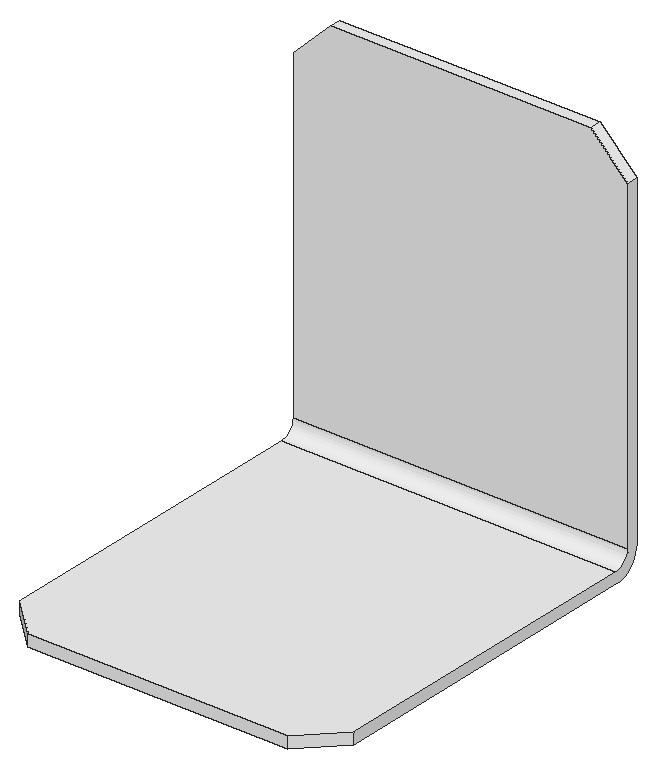
Revit family "JOMA_402", category Structural Connections, host Face, Revit 2012
Parameters (values of type "402M000")
  t = 3.000 mm
  l = 105.000 mm
  h = 105.000 mm
  b = 90.000 mm
  Vikt = "0,398"
  Utan förstärkning = not(Med förstärkning)  # no
  Typ = "VINKEL 402M"
  Spikmönster Bult 2 45°≤α≤90° [instance] = no
  Spikmönster Bult 2 0°≤α≤45° [instance] = no
  Spikmönster Bult 1 45°≤α≤90° [instance] = no
  Spikmönster Bult 1 0°≤α≤45° [instance] = no
  Spikmönster Pelar Balk 3 [instance] = no
  Spikmönster 3 [instance] = no
  Spikmönster Pelar Balk 2 [instance] = no
  Spikmönster 2 [instance] = no
  Spikmönster Pelar Balk 1 [instance] = no
  Spikmönster 1 [instance] = no
  Spik/skruv [instance] = "ANKARSPIK 4,0x40"
  Med förstärkning = yes
  Material = Varmförzinkad stålplåt
  Länk Joma Dimensioneringsverktyg = "http://www.joma.se/dimensioneringsverktyg"
  Default Elevation = 0.000 mm
  Bult (betong) [instance] = "BULT M10"
  Antal spik/skruv i virkesdel B [instance] = if(and(Spikmönster 1, Med förstärkning), 6, if(and(Spikmönster 2, Med förstärkning), 8, if(and(Spikmönster 3, Med förstärkning), 10, if(and(Spikmönster Pelar Balk 1, Med förstärkning), 6, if(and(Spikmönster Pelar Balk 2, Med förstärkning), 8, if(and(Spikmönster Pelar Balk 3, Med förstärkning), 10, if(and(Spikmönster Bult 1 0°≤α≤45°, Med förstärkning), 1, if(and(Spikmönster Bult 1 45°≤α≤90°, Med förstärkning), 1, if(and(Spikmönster Bult 2 0°≤α≤45°, Med förstärkning), 2, if(and(Spikmönster Bult 2 45°≤α≤90°, Med förstärkning), 2, if(and(Spikmönster 1, Utan förstärkning), 4, if(and(Spikmönster 2, Utan förstärkning), 8, if(and(Spikmönster Bult 1 0°≤α≤45°, Utan förstärkning), 1, 0)))))))))))))  # 0
  Antal spik/skruv i virkesdel A [instance] = if(and(Spikmönster 1, Med förstärkning), 6, if(and(Spikmönster 2, Med förstärkning), 8, if(and(Spikmönster 3, Med förstärkning), 10, if(and(Spikmönster Pelar Balk 1, Med förstärkning), 4, if(and(Spikmönster Pelar Balk 2, Med förstärkning), 4, if(and(Spikmönster Pelar Balk 3, Med förstärkning), 4, if(and(Spikmönster Bult 1 0°≤α≤45°, Med förstärkning), 6, if(and(Spikmönster Bult 1 45°≤α≤90°, Med förstärkning), 6, if(and(Spikmönster Bult 2 0°≤α≤45°, Med förstärkning), 6, if(and(Spikmönster Bult 2 45°≤α≤90°, Med förstärkning), 4, if(and(Spikmönster 1, Utan förstärkning), 4, if(and(Spikmönster 2, Utan förstärkning), 8, if(and(Spikmönster Bult 1 0°≤α≤45°, Utan förstärkning), 6, 0)))))))))))))  # 0
  402U Spikmönster Bult [instance] = and(Spikmönster Bult 1 0°≤α≤45°, not(or(Med förstärkning, Spikmönster 1, Spikmönster 2, Spikmönster 3, Spikmönster Bult 1 45°≤α≤90°, Spikmönster Bult 2 0°≤α≤45°, Spikmönster Bult 2 45°≤α≤90°, Spikmönster Pelar Balk 1, Spikmönster Pelar Balk 2, Spikmönster Pelar Balk 3)))  # no
  402U Spikmönster 2 [instance] = and(Spikmönster 2, not(or(Med förstärkning, Spikmönster 1, Spikmönster 3, Spikmönster Bult 1 0°≤α≤45°, Spikmönster Bult 1 45°≤α≤90°, Spikmönster Bult 2 0°≤α≤45°, Spikmönster Bult 2 45°≤α≤90°, Spikmönster Pelar Balk 1, Spikmönster Pelar Balk 2, Spikmönster Pelar Balk 3)))  # no
  402U Spikmönster 1 [instance] = and(Spikmönster 1, not(or(Med förstärkning, Spikmönster 2, Spikmönster 3, Spikmönster Bult 1 0°≤α≤45°, Spikmönster Bult 1 45°≤α≤90°, Spikmönster Bult 2 0°≤α≤45°, Spikmönster Bult 2 45°≤α≤90°, Spikmönster Pelar Balk 1, Spikmönster Pelar Balk 2, Spikmönster Pelar Balk 3)))  # no
  402M Spikmönster Pelar Balk 3 [instance] = and(Spikmönster Pelar Balk 3, not(or(Utan förstärkning, Spikmönster 1, Spikmönster 2, Spikmönster 3, Spikmönster Bult 1 0°≤α≤45°, Spikmönster Bult 1 45°≤α≤90°, Spikmönster Bult 2 0°≤α≤45°, Spikmönster Bult 2 45°≤α≤90°, Spikmönster Pelar Balk 1, Spikmönster Pelar Balk 2)))  # no
  402M Spikmönster Pelar Balk 2 [instance] = and(Spikmönster Pelar Balk 2, not(or(Utan förstärkning, Spikmönster 1, Spikmönster 2, Spikmönster 3, Spikmönster Bult 1 0°≤α≤45°, Spikmönster Bult 1 45°≤α≤90°, Spikmönster Bult 2 0°≤α≤45°, Spikmönster Bult 2 45°≤α≤90°, Spikmönster Pelar Balk 1, Spikmönster Pelar Balk 3)))  # no
  402M Spikmönster Pelar Balk 1 [instance] = and(Spikmönster Pelar Balk 1, not(or(Utan förstärkning, Spikmönster 1, Spikmönster 2, Spikmönster 3, Spikmönster Bult 1 0°≤α≤45°, Spikmönster Bult 1 45°≤α≤90°, Spikmönster Bult 2 0°≤α≤45°, Spikmönster Bult 2 45°≤α≤90°, Spikmönster Pelar Balk 2, Spikmönster Pelar Balk 3)))  # no
  402M Spikmönster Bult 2 45°≤α≤90° [instance] = and(Spikmönster Bult 2 45°≤α≤90°, not(or(Utan förstärkning, Spikmönster 1, Spikmönster 2, Spikmönster 3, Spikmönster Bult 1 45°≤α≤90°, Spikmönster Bult 1 0°≤α≤45°, Spikmönster Bult 2 0°≤α≤45°, Spikmönster Pelar Balk 1, Spikmönster Pelar Balk 2, Spikmönster Pelar Balk 3)))  # no
  402M Spikmönster Bult 2  0°≤α≤45° [instance] = and(Spikmönster Bult 2 0°≤α≤45°, not(or(Utan förstärkning, Spikmönster 1, Spikmönster 2, Spikmönster 3, Spikmönster Bult 1 45°≤α≤90°, Spikmönster Bult 1 0°≤α≤45°, Spikmönster Bult 2 45°≤α≤90°, Spikmönster Pelar Balk 1, Spikmönster Pelar Balk 2, Spikmönster Pelar Balk 3)))  # no
  402M Spikmönster Bult 1 45°≤α≤90° [instance] = and(Spikmönster Bult 1 45°≤α≤90°, not(or(Utan förstärkning, Spikmönster 1, Spikmönster 2, Spikmönster 3, Spikmönster Bult 1 0°≤α≤45°, Spikmönster Bult 2 0°≤α≤45°, Spikmönster Bult 2 45°≤α≤90°, Spikmönster Pelar Balk 1, Spikmönster Pelar Balk 2, Spikmönster Pelar Balk 3)))  # no
  402M Spikmönster Bult 1  0°≤α≤45° [instance] = and(Spikmönster Bult 1 0°≤α≤45°, not(or(Utan förstärkning, Spikmönster 1, Spikmönster 2, Spikmönster 3, Spikmönster Bult 1 45°≤α≤90°, Spikmönster Bult 2 0°≤α≤45°, Spikmönster Bult 2 45°≤α≤90°, Spikmönster Pelar Balk 1, Spikmönster Pelar Balk 2, Spikmönster Pelar Balk 3)))  # no
  402M Spikmönster 3 [instance] = and(Spikmönster 3, not(or(Utan förstärkning, Spikmönster 1, Spikmönster 2, Spikmönster Bult 1 0°≤α≤45°, Spikmönster Bult 1 45°≤α≤90°, Spikmönster Bult 2 0°≤α≤45°, Spikmönster Bult 2 45°≤α≤90°, Spikmönster Pelar Balk 1, Spikmönster Pelar Balk 2, Spikmönster Pelar Balk 3)))  # no
  402M Spikmönster 2 [instance] = and(Spikmönster 2, not(or(Utan förstärkning, Spikmönster 1, Spikmönster 3, Spikmönster Bult 1 0°≤α≤45°, Spikmönster Bult 1 45°≤α≤90°, Spikmönster Bult 2 0°≤α≤45°, Spikmönster Bult 2 45°≤α≤90°, Spikmönster Pelar Balk 1, Spikmönster Pelar Balk 2, Spikmönster Pelar Balk 3)))  # no
  402M Spikmönster 1 [instance] = and(Spikmönster 1, not(or(Utan förstärkning, Spikmönster 2, Spikmönster 3, Spikmönster Bult 1 0°≤α≤45°, Spikmönster Bult 1 45°≤α≤90°, Spikmönster Bult 2 0°≤α≤45°, Spikmönster Bult 2 45°≤α≤90°, Spikmönster Pelar Balk 1, Spikmönster Pelar Balk 2, Spikmönster Pelar Balk 3)))  # no
Types (2, lengths in mm): name | Vikt | Utan förstärkning | Typ | Med förstärkning
  402M000 | "0,398" | no | "VINKEL 402M" | yes
  402U000 | "0,396" | yes | "VINKEL 402U" | no
Reference planes
  plane 1 "Center (Front/Back)": y = 0
  plane 2: z = 0
  plane 3 "Center (Left/Right)": x = 0
  plane 4: x = -45
  plane 5: x = 45
  plane 6: y = -105
  plane 7: z = 105
Forms (mm)
  Extrusion 1, solid, material "Varmförzinkad stålplåt" <- "Material"
    sketch origin (0, 0, 0) x (0, 1, 0) y (0, 0, 1)
      loop
        line (0, 105) -> (-3, 105) -> (-3, 6.843)
        arc (-3, 6.843) -> (-4.126, 4.126) -> (-6.843, 3) r 3.843
        line (-6.843, 3) -> (-105, 3) -> (-105, 0) -> (-6.843, 0)
        arc (-6.843, 0) -> (-2.004, 2.004) -> (0, 6.843) r 6.843
        line (0, 6.843) -> (0, 105)
    from -45 to 45
  Extrusion 2, void
    sketch origin (0, 0, 0) x (1, 0, 0) y (0, 1, 0)
      loop
        line (45, -105) -> (45, -95.021) -> (35, -105) -> (45, -105)
      loop
        line (-45, -105) -> (-35, -105) -> (-45, -95.021) -> (-45, -105)
    from 0 to 3 <- "t"
  Extrusion 3, void
    sketch origin (0, 0, 0) x (1, 0, 0) y (0, 0, 1)
      loop
        line (45, 105) -> (35, 105) -> (45, 95) -> (45, 105)
      loop
        line (-45, 105) -> (-45, 95) -> (-35, 105) -> (-45, 105)
    from 0 to 3 <- "t"
Cuts and joins
  Extrusion 2, Extrusion 3 cuts Extrusion 1
Lines and regions (mm)
  symbolic lines, visible <- "Med förstärkning"
    curve 1: line (12.5, -3, 0) -> (10, -60, 0)
    curve 2: line (-12.5, -3, 0) -> (-10, -60, 0)
    curve 3: arc (-10, -60, 0) -> (0, -70, 0) -> (10, -60, 0) r 10
    curve 4: arc (-12.5, -3, 0) -> (0, -15.5, 0) -> (12.5, -3, 0) r 12.5
    curve 5: line (-12.5, 0, 3) -> (-10, 0, 60)
    curve 6: line (10, 0, 60) -> (12.5, 0, 3)
    curve 7: arc (-10, 0, 60) -> (0, 0, 70) -> (10, 0, 60) r 10
    curve 8: arc (-12.5, 0, 3) -> (0, 0, 15.5) -> (12.5, 0, 3) r 12.5
    curve 9: circle (-30, 0, 95) r 2.5 normal (0, -1, 0)
    curve 10: circle (-15, 0, 77.5) r 2.5 normal (0, -1, 0)
    curve 11: circle (-37.5, 0, 65) r 2.5 normal (0, -1, 0)
    curve 12: circle (-37.5, 0, 32.5) r 2.5 normal (0, -1, 0)
    curve 13: circle (-20, 0, 40) r 2.5 normal (0, -1, 0)
    curve 14: circle (0, 0, 85) r 5.5 normal (0, -1, 0)
    curve 15: circle (-30, 0, 22.5) r 5.5 normal (0, -1, 0)
    curve 16: circle (30, 0, 95) r 2.5 normal (0, 1, 0)
    curve 17: circle (15, 0, 77.5) r 2.5 normal (0, 1, 0)
    curve 18: circle (37.5, 0, 65) r 2.5 normal (0, 1, 0)
    curve 19: circle (37.5, 0, 32.5) r 2.5 normal (0, 1, 0)
    curve 20: circle (20, 0, 40) r 2.5 normal (0, 1, 0)
    curve 21: circle (30, 0, 22.5) r 5.5 normal (0, 1, 0)
    curve 39: circle (-37.5, -15, 0) r 2.5 normal (0, 0, 1)
    curve 40: circle (-22.5, -15, 0) r 2.5 normal (0, 0, 1)
    curve 41: circle (-30, -30, 0) r 2.5 normal (0, 0, 1)
    curve 42: circle (-22.5, -47.5, 0) r 2.5 normal (0, 0, 1)
    curve 43: circle (-37.5, -70, 0) r 2.5 normal (0, 0, 1)
    curve 44: circle (-30, -95, 0) r 2.5 normal (0, 0, 1)
    curve 45: circle (0, -85, 0) r 5.5 normal (0, 0, 1)
    curve 46: circle (37.5, -15, 0) r 2.5 normal (0, 0, -1)
    curve 47: circle (22.5, -15, 0) r 2.5 normal (0, 0, -1)
    curve 48: circle (30, -30, 0) r 2.5 normal (0, 0, -1)
    curve 49: circle (22.5, -47.5, 0) r 2.5 normal (0, 0, -1)
    curve 50: circle (37.5, -70, 0) r 2.5 normal (0, 0, -1)
    curve 51: circle (30, -95, 0) r 2.5 normal (0, 0, -1)
    curve 133: line (0, -3.067, 72.639) -> (0, -13.928, 13.928)
    curve 134: line (0, -13.928, 13.928) -> (0, -72.639, 3.067)
  symbolic lines, visible <- "Med förstärkning", not visible
    curve 22: line (-12.5, 0, 3) -> (-10, 0, 60)
    curve 23: line (10, 0, 60) -> (12.5, 0, 3)
    curve 24: arc (-10, 0, 60) -> (0, 0, 70) -> (10, 0, 60) r 10
    curve 25: arc (-12.5, 0, 3) -> (0, 0, 15.5) -> (12.5, 0, 3) r 12.5
    curve 26: circle (-30, 0, 95) r 2.5 normal (0, -1, 0)
    curve 27: circle (-15, 0, 77.5) r 2.5 normal (0, -1, 0)
    curve 28: circle (-37.5, 0, 65) r 2.5 normal (0, -1, 0)
    curve 29: circle (-37.5, 0, 32.5) r 2.5 normal (0, -1, 0)
    curve 30: circle (-20, 0, 40) r 2.5 normal (0, -1, 0)
    curve 31: circle (0, 0, 85) r 5.5 normal (0, -1, 0)
    curve 32: circle (-30, 0, 22.5) r 5.5 normal (0, -1, 0)
    curve 33: circle (30, 0, 95) r 2.5 normal (0, 1, 0)
    curve 34: circle (15, 0, 77.5) r 2.5 normal (0, 1, 0)
    curve 35: circle (37.5, 0, 65) r 2.5 normal (0, 1, 0)
    curve 36: circle (37.5, 0, 32.5) r 2.5 normal (0, 1, 0)
    curve 37: circle (20, 0, 40) r 2.5 normal (0, 1, 0)
    curve 38: circle (30, 0, 22.5) r 5.5 normal (0, 1, 0)
    curve 52: line (12.5, -3, 0) -> (10, -60, 0)
    curve 53: line (-12.5, -3, 0) -> (-10, -60, 0)
    curve 54: arc (-10, -60, 0) -> (0, -70, 0) -> (10, -60, 0) r 10
    curve 55: arc (-12.5, -3, 0) -> (0, -15.5, 0) -> (12.5, -3, 0) r 12.5
    curve 56: circle (-37.5, -15, 0) r 2.5 normal (0, 0, 1)
    curve 57: circle (-22.5, -15, 0) r 2.5 normal (0, 0, 1)
    curve 58: circle (-30, -30, 0) r 2.5 normal (0, 0, 1)
    curve 59: circle (-22.5, -47.5, 0) r 2.5 normal (0, 0, 1)
    curve 60: circle (-37.5, -70, 0) r 2.5 normal (0, 0, 1)
    curve 61: circle (-30, -95, 0) r 2.5 normal (0, 0, 1)
    curve 62: circle (0, -85, 0) r 5.5 normal (0, 0, 1)
    curve 63: circle (37.5, -15, 0) r 2.5 normal (0, 0, -1)
    curve 64: circle (22.5, -15, 0) r 2.5 normal (0, 0, -1)
    curve 65: circle (30, -30, 0) r 2.5 normal (0, 0, -1)
    curve 66: circle (22.5, -47.5, 0) r 2.5 normal (0, 0, -1)
    curve 67: circle (37.5, -70, 0) r 2.5 normal (0, 0, -1)
    curve 68: circle (30, -95, 0) r 2.5 normal (0, 0, -1)
    curve 135: line (0, -3.067, 72.639) -> (0, -13.928, 13.928)
    curve 136: line (0, -13.928, 13.928) -> (0, -72.639, 3.067)
  symbolic lines, visible <- "Utan förstärkning"
    curve 69: circle (-30, 0, 90) r 2.5 normal (0, -1, 0)
    curve 70: circle (0, 0, 90) r 2.5 normal (0, -1, 0)
    curve 71: circle (-15, 0, 75) r 2.5 normal (0, -1, 0)
    curve 72: circle (-35, 0, 65) r 2.5 normal (0, -1, 0)
    curve 73: circle (-37.5, 0, 12.5) r 2.5 normal (0, -1, 0)
    curve 74: circle (-35, 0, 35) r 2.5 normal (0, -1, 0)
    curve 75: circle (-15, 0, 50) r 2.5 normal (0, -1, 0)
    curve 76: circle (0, 0, 65) r 5.5 normal (0, -1, 0)
    curve 77: circle (-30, 0, 22.5) r 5.5 normal (0, -1, 0)
    curve 78: circle (30, 0, 90) r 2.5 normal (0, 1, 0)
    curve 79: circle (15, 0, 75) r 2.5 normal (0, 1, 0)
    curve 80: circle (35, 0, 65) r 2.5 normal (0, 1, 0)
    curve 81: circle (37.5, 0, 12.5) r 2.5 normal (0, 1, 0)
    curve 82: circle (35, 0, 35) r 2.5 normal (0, 1, 0)
    curve 83: circle (15, 0, 50) r 2.5 normal (0, 1, 0)
    curve 84: circle (30, 0, 22.5) r 5.5 normal (0, 1, 0)
    curve 101: circle (-37.5, -15, 0) r 2.5 normal (0, 0, 1)
    curve 102: circle (-35, -35, 0) r 2.5 normal (0, 0, 1)
    curve 103: circle (-35, -70, 0) r 2.5 normal (0, 0, 1)
    curve 104: circle (-30, -90, 0) r 2.5 normal (0, 0, 1)
    curve 105: circle (-7.5, -15, 0) r 2.5 normal (0, 0, 1)
    curve 106: circle (-15, -50, 0) r 2.5 normal (0, 0, 1)
    curve 107: circle (-20, -30, 0) r 5.5 normal (0, 0, 1)
    curve 108: circle (0, -65, 0) r 5.5 normal (0, 0, 1)
    curve 109: circle (0, -90, 0) r 2.5 normal (0, 0, 1)
    curve 110: circle (37.5, -15, 0) r 2.5 normal (0, 0, -1)
    curve 111: circle (35, -35, 0) r 2.5 normal (0, 0, -1)
    curve 112: circle (35, -70, 0) r 2.5 normal (0, 0, -1)
    curve 113: circle (30, -90, 0) r 2.5 normal (0, 0, -1)
    curve 114: circle (7.5, -15, 0) r 2.5 normal (0, 0, -1)
    curve 115: circle (15, -50, 0) r 2.5 normal (0, 0, -1)
    curve 116: circle (20, -30, 0) r 5.5 normal (0, 0, -1)
  symbolic lines, visible <- "Utan förstärkning", not visible
    curve 85: circle (-30, 0, 90) r 2.5 normal (0, -1, 0)
    curve 86: circle (0, 0, 90) r 2.5 normal (0, -1, 0)
    curve 87: circle (-15, 0, 75) r 2.5 normal (0, -1, 0)
    curve 88: circle (-35, 0, 65) r 2.5 normal (0, -1, 0)
    curve 89: circle (-37.5, 0, 12.5) r 2.5 normal (0, -1, 0)
    curve 90: circle (-35, 0, 35) r 2.5 normal (0, -1, 0)
    curve 91: circle (-15, 0, 50) r 2.5 normal (0, -1, 0)
    curve 92: circle (0, 0, 65) r 5.5 normal (0, -1, 0)
    curve 93: circle (-30, 0, 22.5) r 5.5 normal (0, -1, 0)
    curve 94: circle (30, 0, 90) r 2.5 normal (0, 1, 0)
    curve 95: circle (15, 0, 75) r 2.5 normal (0, 1, 0)
    curve 96: circle (35, 0, 65) r 2.5 normal (0, 1, 0)
    curve 97: circle (37.5, 0, 12.5) r 2.5 normal (0, 1, 0)
    curve 98: circle (35, 0, 35) r 2.5 normal (0, 1, 0)
    curve 99: circle (15, 0, 50) r 2.5 normal (0, 1, 0)
    curve 100: circle (30, 0, 22.5) r 5.5 normal (0, 1, 0)
    curve 117: circle (-37.5, -15, 0) r 2.5 normal (0, 0, 1)
    curve 118: circle (-35, -35, 0) r 2.5 normal (0, 0, 1)
    curve 119: circle (-35, -70, 0) r 2.5 normal (0, 0, 1)
    curve 120: circle (-30, -90, 0) r 2.5 normal (0, 0, 1)
    curve 121: circle (-7.5, -15, 0) r 2.5 normal (0, 0, 1)
    curve 122: circle (-15, -50, 0) r 2.5 normal (0, 0, 1)
    curve 123: circle (-20, -30, 0) r 5.5 normal (0, 0, 1)
    curve 124: circle (0, -65, 0) r 5.5 normal (0, 0, 1)
    curve 125: circle (0, -90, 0) r 2.5 normal (0, 0, 1)
    curve 126: circle (37.5, -15, 0) r 2.5 normal (0, 0, -1)
    curve 127: circle (35, -35, 0) r 2.5 normal (0, 0, -1)
    curve 128: circle (35, -70, 0) r 2.5 normal (0, 0, -1)
    curve 129: circle (30, -90, 0) r 2.5 normal (0, 0, -1)
    curve 130: circle (7.5, -15, 0) r 2.5 normal (0, 0, -1)
    curve 131: circle (15, -50, 0) r 2.5 normal (0, 0, -1)
    curve 132: circle (20, -30, 0) r 5.5 normal (0, 0, -1)
Text (mm)
  text "Virkesdel B/Betong/Pelare" at (98.247, -35.556, 0), in view "Ref. Level"
  text "Virkesdel A/Betong/Balk" at (91.344, 0, 60.228), in view "Front"
Dimensions and locks
  "b": plane 5 to plane 4
  "l": plane 1 "Center (Front/Back)" to plane 6
  "h": plane 7 to host face
  equal spacing: plane 5, plane 3 "Center (Left/Right)", plane 4
  "t": plane 1 "Center (Front/Back)" to Extrusion 1
  "t": Extrusion 1 to host face
  aligned and locked: plane 2 to host face
  aligned and locked: level to host face
  aligned and locked: plane 5 to Extrusion 1
  aligned and locked: Extrusion 1 to plane 4
  aligned and locked: Extrusion 1 to plane 6
  aligned and locked: plane 7 to Extrusion 1
Automatic sketch dimensions
  host sketch curve to host sketch curve = 2438.400 mm  (x2)
  Extrusion 1 sketch curve to plane 6 = 0.000 mm
  Extrusion 1 sketch curve to level = 0.000 mm
  Extrusion 1 sketch curve to plane 7 = 0.000 mm
  Extrusion 1 sketch curve to plane 1 "Center (Front/Back)" = 0.000 mm
  plane 1 "Center (Front/Back)" to Extrusion 1 sketch curve = 6.843 mm
  Extrusion 1 sketch curve to Extrusion 1 sketch curve = 0.000 mm
  plane 1 "Center (Front/Back)" to Extrusion 1 sketch curve = 3.000 mm
  level to Extrusion 1 sketch curve = 3.000 mm
  Extrusion 2 sketch curve to plane 4 = 0.000 mm
  Extrusion 2 sketch curve to plane 6 = 0.000 mm  (x2)
  Extrusion 2 sketch curve to plane 5 = 0.000 mm
  Extrusion 2 sketch curve to plane 5 = 10.000 mm
  Extrusion 3 sketch curve to plane 4 = 0.000 mm
  Extrusion 3 sketch curve to plane 7 = 0.000 mm  (x2)
  Extrusion 3 sketch curve to plane 5 = 0.000 mm
  Extrusion 3 sketch curve to plane 5 = 10.000 mm
  plane 4 to Extrusion 2 sketch curve = 10.000 mm
  plane 4 to Extrusion 3 sketch curve = 10.000 mm
  Extrusion 3 sketch curve to plane 7 = 10.000 mm  (x2)
  plane 6 to Extrusion 2 sketch curve = 9.979 mm
  Extrusion 2 sketch curve to Extrusion 2 sketch curve = 9.979 mm
Nested families
  nested 1: "Spikmönster" at (-37.5, -15, 0), visible <- "402M Spikmönster 1", type "Ø5"
  nested 2: "Spikmönster" at (-22.5, -15, 0), visible <- "402M Spikmönster 1", type "Ø5"
  nested 3: "Spikmönster" at (22.5, -15, 0), visible <- "402M Spikmönster 1", type "Ø5"
  nested 4: "Spikmönster" at (37.5, -15, 0), visible <- "402M Spikmönster 1", type "Ø5"
  nested 5: "Spikmönster" at (30, -95, 0), visible <- "402M Spikmönster 1", type "Ø5"
  nested 6: "Spikmönster" at (-30, -95, 0), visible <- "402M Spikmönster 1", type "Ø5"
  nested 7: "Spikmönster" at (-37.5, -15, 0), visible <- "402M Spikmönster 2", type "Ø5"
  nested 8: "Spikmönster" at (-22.5, -15, 0), visible <- "402M Spikmönster 2", type "Ø5"
  nested 9: "Spikmönster" at (22.5, -15, 0), visible <- "402M Spikmönster 2", type "Ø5"
  nested 10: "Spikmönster" at (37.5, -15, 0), visible <- "402M Spikmönster 2", type "Ø5"
  nested 11: "Spikmönster" at (30, -30, 0), visible <- "402M Spikmönster 2", type "Ø5"
  nested 12: "Spikmönster" at (-30, -30, 0), visible <- "402M Spikmönster 2", type "Ø5"
  nested 13: "Spikmönster" at (-30, -95, 0), visible <- "402M Spikmönster 2", type "Ø5"
  nested 14: "Spikmönster" at (30, -95, 0), visible <- "402M Spikmönster 2", type "Ø5"
  nested 15: "Spikmönster" at (-37.5, -15, 0), visible <- "402M Spikmönster 3", type "Ø5"
  nested 16: "Spikmönster" at (-22.5, -15, 0), visible <- "402M Spikmönster 3", type "Ø5"
  nested 17: "Spikmönster" at (22.5, -15, 0), visible <- "402M Spikmönster 3", type "Ø5"
  nested 18: "Spikmönster" at (37.5, -15, 0), visible <- "402M Spikmönster 3", type "Ø5"
  nested 19: "Spikmönster" at (30, -30, 0), visible <- "402M Spikmönster 3", type "Ø5"
  nested 20: "Spikmönster" at (-30, -30, 0), visible <- "402M Spikmönster 3", type "Ø5"
  nested 21: "Spikmönster" at (-22.5, -47.5, 0), visible <- "402M Spikmönster 3", type "Ø5"
  nested 22: "Spikmönster" at (22.5, -47.5, 0), visible <- "402M Spikmönster 3", type "Ø5"
  nested 23: "Spikmönster" at (30, -95, 0), visible <- "402M Spikmönster 3", type "Ø5"
  nested 24: "Spikmönster" at (-30, -95, 0), visible <- "402M Spikmönster 3", type "Ø5"
  nested 25: "Spikmönster" at (-37.5, -15, 0), visible <- "402M Spikmönster Pelar Balk 1", type "Ø5"
  nested 26: "Spikmönster" at (-22.5, -15, 0), visible <- "402M Spikmönster Pelar Balk 1", type "Ø5"
  nested 27: "Spikmönster" at (22.5, -15, 0), visible <- "402M Spikmönster Pelar Balk 1", type "Ø5"
  nested 28: "Spikmönster" at (37.5, -15, 0), visible <- "402M Spikmönster Pelar Balk 1", type "Ø5"
  nested 29: "Spikmönster" at (30, -95, 0), visible <- "402M Spikmönster Pelar Balk 1", type "Ø5"
  nested 30: "Spikmönster" at (-30, -95, 0), visible <- "402M Spikmönster Pelar Balk 1", type "Ø5"
  nested 31: "Spikmönster" at (-37.5, -15, 0), visible <- "402M Spikmönster Pelar Balk 2", type "Ø5"
  nested 32: "Spikmönster" at (-22.5, -15, 0), visible <- "402M Spikmönster Pelar Balk 2", type "Ø5"
  nested 33: "Spikmönster" at (22.5, -15, 0), visible <- "402M Spikmönster Pelar Balk 2", type "Ø5"
  nested 34: "Spikmönster" at (37.5, -15, 0), visible <- "402M Spikmönster Pelar Balk 2", type "Ø5"
  nested 35: "Spikmönster" at (30, -30, 0), visible <- "402M Spikmönster Pelar Balk 2", type "Ø5"
  nested 36: "Spikmönster" at (-30, -30, 0), visible <- "402M Spikmönster Pelar Balk 2", type "Ø5"
  nested 37: "Spikmönster" at (-30, -95, 0), visible <- "402M Spikmönster Pelar Balk 2", type "Ø5"
  nested 38: "Spikmönster" at (30, -95, 0), visible <- "402M Spikmönster Pelar Balk 2", type "Ø5"
  nested 39: "Spikmönster" at (-37.5, -15, 0), visible <- "402M Spikmönster Pelar Balk 3", type "Ø5"
  nested 40: "Spikmönster" at (-22.5, -15, 0), visible <- "402M Spikmönster Pelar Balk 3", type "Ø5"
  nested 41: "Spikmönster" at (22.5, -15, 0), visible <- "402M Spikmönster Pelar Balk 3", type "Ø5"
  nested 42: "Spikmönster" at (37.5, -15, 0), visible <- "402M Spikmönster Pelar Balk 3", type "Ø5"
  nested 43: "Spikmönster" at (30, -30, 0), visible <- "402M Spikmönster Pelar Balk 3", type "Ø5"
  nested 44: "Spikmönster" at (-30, -30, 0), visible <- "402M Spikmönster Pelar Balk 3", type "Ø5"
  nested 45: "Spikmönster" at (-22.5, -47.5, 0), visible <- "402M Spikmönster Pelar Balk 3", type "Ø5"
  nested 46: "Spikmönster" at (22.5, -47.5, 0), visible <- "402M Spikmönster Pelar Balk 3", type "Ø5"
  nested 47: "Spikmönster" at (30, -95, 0), visible <- "402M Spikmönster Pelar Balk 3", type "Ø5"
  nested 48: "Spikmönster" at (-30, -95, 0), visible <- "402M Spikmönster Pelar Balk 3", type "Ø5"
  nested 49: "Spikmönster" at (0, -85, 0), visible <- "402M Spikmönster Bult 1  0°≤α≤45°", type "Ø11"
  nested 50: "Spikmönster" at (0, -85, 0), visible <- "402M Spikmönster Bult 1 45°≤α≤90°", type "Ø11"
  nested 51: "Spikmönster" at (-22.5, -47.5, 0), visible <- "402M Spikmönster Bult 2  0°≤α≤45°", type "Ø5"
  nested 52: "Spikmönster" at (22.5, -47.5, 0), visible <- "402M Spikmönster Bult 2  0°≤α≤45°", type "Ø5"
  nested 53: "Spikmönster" at (37.5, -70, 0), visible <- "402M Spikmönster Bult 2  0°≤α≤45°", type "Ø5"
  nested 54: "Spikmönster" at (-37.5, -70, 0), visible <- "402M Spikmönster Bult 2  0°≤α≤45°", type "Ø5"
  nested 55: "Spikmönster" at (-30, -95, 0), visible <- "402M Spikmönster Bult 2  0°≤α≤45°", type "Ø5"
  nested 56: "Spikmönster" at (30, -95, 0), visible <- "402M Spikmönster Bult 2  0°≤α≤45°", type "Ø5"
  nested 57: "Spikmönster" at (-37.5, -70, 0), visible <- "402M Spikmönster Bult 2 45°≤α≤90°", type "Ø5"
  nested 58: "Spikmönster" at (37.5, -70, 0), visible <- "402M Spikmönster Bult 2 45°≤α≤90°", type "Ø5"
  nested 59: "Spikmönster" at (30, -95, 0), visible <- "402M Spikmönster Bult 2 45°≤α≤90°", type "Ø5"
  nested 60: "Spikmönster" at (-30, -95, 0), visible <- "402M Spikmönster Bult 2 45°≤α≤90°", type "Ø5"
  nested 61: "Spikmönster" at (-37.5, -15, 0), visible <- "402M Spikmönster 1", type "Ø5", not visible
  nested 62: "Spikmönster" at (-22.5, -15, 0), visible <- "402M Spikmönster 1", type "Ø5", not visible
  nested 63: "Spikmönster" at (22.5, -15, 0), visible <- "402M Spikmönster 1", type "Ø5", not visible
  nested 64: "Spikmönster" at (37.5, -15, 0), visible <- "402M Spikmönster 1", type "Ø5", not visible
  nested 65: "Spikmönster" at (30, -95, 0), visible <- "402M Spikmönster 1", type "Ø5", not visible
  nested 66: "Spikmönster" at (-30, -95, 0), visible <- "402M Spikmönster 1", type "Ø5", not visible
  nested 67: "Spikmönster" at (-37.5, -15, 0), visible <- "402M Spikmönster 2", type "Ø5", not visible
  nested 68: "Spikmönster" at (-22.5, -15, 0), visible <- "402M Spikmönster 2", type "Ø5", not visible
  nested 69: "Spikmönster" at (22.5, -15, 0), visible <- "402M Spikmönster 2", type "Ø5", not visible
  nested 70: "Spikmönster" at (37.5, -15, 0), visible <- "402M Spikmönster 2", type "Ø5", not visible
  nested 71: "Spikmönster" at (30, -30, 0), visible <- "402M Spikmönster 2", type "Ø5", not visible
  nested 72: "Spikmönster" at (-30, -30, 0), visible <- "402M Spikmönster 2", type "Ø5", not visible
  nested 73: "Spikmönster" at (-30, -95, 0), visible <- "402M Spikmönster 2", type "Ø5", not visible
  nested 74: "Spikmönster" at (30, -95, 0), visible <- "402M Spikmönster 2", type "Ø5", not visible
  nested 75: "Spikmönster" at (-37.5, -15, 0), visible <- "402M Spikmönster 3", type "Ø5", not visible
  nested 76: "Spikmönster" at (-22.5, -15, 0), visible <- "402M Spikmönster 3", type "Ø5", not visible
  nested 77: "Spikmönster" at (22.5, -15, 0), visible <- "402M Spikmönster 3", type "Ø5", not visible
  nested 78: "Spikmönster" at (37.5, -15, 0), visible <- "402M Spikmönster 3", type "Ø5", not visible
  nested 79: "Spikmönster" at (30, -30, 0), visible <- "402M Spikmönster 3", type "Ø5", not visible
  nested 80: "Spikmönster" at (-30, -30, 0), visible <- "402M Spikmönster 3", type "Ø5", not visible
  nested 81: "Spikmönster" at (-22.5, -47.5, 0), visible <- "402M Spikmönster 3", type "Ø5", not visible
  nested 82: "Spikmönster" at (22.5, -47.5, 0), visible <- "402M Spikmönster 3", type "Ø5", not visible
  nested 83: "Spikmönster" at (30, -95, 0), visible <- "402M Spikmönster 3", type "Ø5", not visible
  nested 84: "Spikmönster" at (-30, -95, 0), visible <- "402M Spikmönster 3", type "Ø5", not visible
  nested 85: "Spikmönster" at (-37.5, -15, 0), visible <- "402M Spikmönster Pelar Balk 1", type "Ø5", not visible
  nested 86: "Spikmönster" at (-22.5, -15, 0), visible <- "402M Spikmönster Pelar Balk 1", type "Ø5", not visible
  nested 87: "Spikmönster" at (22.5, -15, 0), visible <- "402M Spikmönster Pelar Balk 1", type "Ø5", not visible
  nested 88: "Spikmönster" at (37.5, -15, 0), visible <- "402M Spikmönster Pelar Balk 1", type "Ø5", not visible
  nested 89: "Spikmönster" at (30, -95, 0), visible <- "402M Spikmönster Pelar Balk 1", type "Ø5", not visible
  nested 90: "Spikmönster" at (-30, -95, 0), visible <- "402M Spikmönster Pelar Balk 1", type "Ø5", not visible
  nested 91: "Spikmönster" at (-37.5, -15, 0), visible <- "402M Spikmönster Pelar Balk 2", type "Ø5", not visible
  nested 92: "Spikmönster" at (-22.5, -15, 0), visible <- "402M Spikmönster Pelar Balk 2", type "Ø5", not visible
  nested 93: "Spikmönster" at (22.5, -15, 0), visible <- "402M Spikmönster Pelar Balk 2", type "Ø5", not visible
  nested 94: "Spikmönster" at (37.5, -15, 0), visible <- "402M Spikmönster Pelar Balk 2", type "Ø5", not visible
  nested 95: "Spikmönster" at (30, -30, 0), visible <- "402M Spikmönster Pelar Balk 2", type "Ø5", not visible
  nested 96: "Spikmönster" at (-30, -30, 0), visible <- "402M Spikmönster Pelar Balk 2", type "Ø5", not visible
  nested 97: "Spikmönster" at (-30, -95, 0), visible <- "402M Spikmönster Pelar Balk 2", type "Ø5", not visible
  nested 98: "Spikmönster" at (30, -95, 0), visible <- "402M Spikmönster Pelar Balk 2", type "Ø5", not visible
  nested 99: "Spikmönster" at (-37.5, -15, 0), visible <- "402M Spikmönster Pelar Balk 3", type "Ø5", not visible
  nested 100: "Spikmönster" at (-22.5, -15, 0), visible <- "402M Spikmönster Pelar Balk 3", type "Ø5", not visible
  nested 101: "Spikmönster" at (22.5, -15, 0), visible <- "402M Spikmönster Pelar Balk 3", type "Ø5", not visible
  nested 102: "Spikmönster" at (37.5, -15, 0), visible <- "402M Spikmönster Pelar Balk 3", type "Ø5", not visible
  nested 103: "Spikmönster" at (30, -30, 0), visible <- "402M Spikmönster Pelar Balk 3", type "Ø5", not visible
  nested 104: "Spikmönster" at (-30, -30, 0), visible <- "402M Spikmönster Pelar Balk 3", type "Ø5", not visible
  nested 105: "Spikmönster" at (-22.5, -47.5, 0), visible <- "402M Spikmönster Pelar Balk 3", type "Ø5", not visible
  nested 106: "Spikmönster" at (22.5, -47.5, 0), visible <- "402M Spikmönster Pelar Balk 3", type "Ø5", not visible
  nested 107: "Spikmönster" at (30, -95, 0), visible <- "402M Spikmönster Pelar Balk 3", type "Ø5", not visible
  nested 108: "Spikmönster" at (-30, -95, 0), visible <- "402M Spikmönster Pelar Balk 3", type "Ø5", not visible
  nested 109: "Spikmönster" at (0, -85, 0), visible <- "402M Spikmönster Bult 1  0°≤α≤45°", type "Ø11", not visible
  nested 110: "Spikmönster" at (0, -85, 0), visible <- "402M Spikmönster Bult 1 45°≤α≤90°", type "Ø11", not visible
  nested 111: "Spikmönster" at (-22.5, -47.5, 0), visible <- "402M Spikmönster Bult 2  0°≤α≤45°", type "Ø5", not visible
  nested 112: "Spikmönster" at (22.5, -47.5, 0), visible <- "402M Spikmönster Bult 2  0°≤α≤45°", type "Ø5", not visible
  nested 113: "Spikmönster" at (37.5, -70, 0), visible <- "402M Spikmönster Bult 2  0°≤α≤45°", type "Ø5", not visible
  nested 114: "Spikmönster" at (-37.5, -70, 0), visible <- "402M Spikmönster Bult 2  0°≤α≤45°", type "Ø5", not visible
  nested 115: "Spikmönster" at (-30, -95, 0), visible <- "402M Spikmönster Bult 2  0°≤α≤45°", type "Ø5", not visible
  nested 116: "Spikmönster" at (30, -95, 0), visible <- "402M Spikmönster Bult 2  0°≤α≤45°", type "Ø5", not visible
  nested 117: "Spikmönster" at (-37.5, -70, 0), visible <- "402M Spikmönster Bult 2 45°≤α≤90°", type "Ø5", not visible
  nested 118: "Spikmönster" at (37.5, -70, 0), visible <- "402M Spikmönster Bult 2 45°≤α≤90°", type "Ø5", not visible
  nested 119: "Spikmönster" at (30, -95, 0), visible <- "402M Spikmönster Bult 2 45°≤α≤90°", type "Ø5", not visible
  nested 120: "Spikmönster" at (-30, -95, 0), visible <- "402M Spikmönster Bult 2 45°≤α≤90°", type "Ø5", not visible
  nested 121: "Spikmönster" at (-30, 0, 95) x (1, 0, 0) z (0, -1, 0), visible <- "402M Spikmönster 1", type "Ø5"
  nested 122: "Spikmönster" at (30, 0, 95) x (1, 0, 0) z (0, -1, 0), visible <- "402M Spikmönster 1", type "Ø5"
  nested 123: "Spikmönster" at (37.5, 0, 32.5) x (1, 0, 0) z (0, -1, 0), visible <- "402M Spikmönster 1", type "Ø5"
  nested 124: "Spikmönster" at (20, 0, 40) x (1, 0, 0) z (0, -1, 0), visible <- "402M Spikmönster 1", type "Ø5"
  nested 125: "Spikmönster" at (-20, 0, 40) x (1, 0, 0) z (0, -1, 0), visible <- "402M Spikmönster 1", type "Ø5"
  nested 126: "Spikmönster" at (-37.5, 0, 32.5) x (1, 0, 0) z (0, -1, 0), visible <- "402M Spikmönster 1", type "Ø5"
  nested 127: "Spikmönster" at (-30, 0, 95) x (1, 0, 0) z (0, -1, 0), visible <- "402M Spikmönster 2", type "Ø5"
  nested 128: "Spikmönster" at (30, 0, 95) x (1, 0, 0) z (0, -1, 0), visible <- "402M Spikmönster 2", type "Ø5"
  nested 129: "Spikmönster" at (37.5, 0, 65) x (1, 0, 0) z (0, -1, 0), visible <- "402M Spikmönster 2", type "Ø5"
  nested 130: "Spikmönster" at (-37.5, 0, 65) x (1, 0, 0) z (0, -1, 0), visible <- "402M Spikmönster 2", type "Ø5"
  nested 131: "Spikmönster" at (-37.5, 0, 32.5) x (1, 0, 0) z (0, -1, 0), visible <- "402M Spikmönster 2", type "Ø5"
  nested 132: "Spikmönster" at (-20, 0, 40) x (1, 0, 0) z (0, -1, 0), visible <- "402M Spikmönster 2", type "Ø5"
  nested 133: "Spikmönster" at (20, 0, 40) x (1, 0, 0) z (0, -1, 0), visible <- "402M Spikmönster 2", type "Ø5"
  nested 134: "Spikmönster" at (37.5, 0, 32.5) x (1, 0, 0) z (0, -1, 0), visible <- "402M Spikmönster 2", type "Ø5"
  nested 135: "Spikmönster" at (-30, 0, 95) x (1, 0, 0) z (0, -1, 0), visible <- "402M Spikmönster 3", type "Ø5"
  nested 136: "Spikmönster" at (30, 0, 95) x (1, 0, 0) z (0, -1, 0), visible <- "402M Spikmönster 3", type "Ø5"
  nested 137: "Spikmönster" at (15, 0, 77.5) x (1, 0, 0) z (0, -1, 0), visible <- "402M Spikmönster 3", type "Ø5"
  nested 138: "Spikmönster" at (-15, 0, 77.5) x (1, 0, 0) z (0, -1, 0), visible <- "402M Spikmönster 3", type "Ø5"
  nested 139: "Spikmönster" at (-37.5, 0, 65) x (1, 0, 0) z (0, -1, 0), visible <- "402M Spikmönster 3", type "Ø5"
  nested 140: "Spikmönster" at (37.5, 0, 65) x (1, 0, 0) z (0, -1, 0), visible <- "402M Spikmönster 3", type "Ø5"
  nested 141: "Spikmönster" at (37.5, 0, 32.5) x (1, 0, 0) z (0, -1, 0), visible <- "402M Spikmönster 3", type "Ø5"
  nested 142: "Spikmönster" at (20, 0, 40) x (1, 0, 0) z (0, -1, 0), visible <- "402M Spikmönster 3", type "Ø5"
  nested 143: "Spikmönster" at (-20, 0, 40) x (1, 0, 0) z (0, -1, 0), visible <- "402M Spikmönster 3", type "Ø5"
  nested 144: "Spikmönster" at (-37.5, 0, 32.5) x (1, 0, 0) z (0, -1, 0), visible <- "402M Spikmönster 3", type "Ø5"
  nested 145: "Spikmönster" at (-30, 0, 95) x (1, 0, 0) z (0, -1, 0), visible <- "402M Spikmönster Pelar Balk 1", type "Ø5"
  nested 146: "Spikmönster" at (30, 0, 95) x (1, 0, 0) z (0, -1, 0), visible <- "402M Spikmönster Pelar Balk 1", type "Ø5"
  nested 147: "Spikmönster" at (20, 0, 40) x (1, 0, 0) z (0, -1, 0), visible <- "402M Spikmönster Pelar Balk 1", type "Ø5"
  nested 148: "Spikmönster" at (-20, 0, 40) x (1, 0, 0) z (0, -1, 0), visible <- "402M Spikmönster Pelar Balk 1", type "Ø5"
  nested 149: "Spikmönster" at (-30, 0, 95) x (1, 0, 0) z (0, -1, 0), visible <- "402M Spikmönster Pelar Balk 2", type "Ø5"
  nested 150: "Spikmönster" at (30, 0, 95) x (1, 0, 0) z (0, -1, 0), visible <- "402M Spikmönster Pelar Balk 2", type "Ø5"
  nested 151: "Spikmönster" at (20, 0, 40) x (1, 0, 0) z (0, -1, 0), visible <- "402M Spikmönster Pelar Balk 2", type "Ø5"
  nested 152: "Spikmönster" at (-20, 0, 40) x (1, 0, 0) z (0, -1, 0), visible <- "402M Spikmönster Pelar Balk 2", type "Ø5"
  nested 153: "Spikmönster" at (-30, 0, 95) x (1, 0, 0) z (0, -1, 0), visible <- "402M Spikmönster Pelar Balk 3", type "Ø5"
  nested 154: "Spikmönster" at (30, 0, 95) x (1, 0, 0) z (0, -1, 0), visible <- "402M Spikmönster Pelar Balk 3", type "Ø5"
  nested 155: "Spikmönster" at (20, 0, 40) x (1, 0, 0) z (0, -1, 0), visible <- "402M Spikmönster Pelar Balk 3", type "Ø5"
  nested 156: "Spikmönster" at (-20, 0, 40) x (1, 0, 0) z (0, -1, 0), visible <- "402M Spikmönster Pelar Balk 3", type "Ø5"
  nested 157: "Spikmönster" at (-30, 0, 95) x (1, 0, 0) z (0, -1, 0), visible <- "402M Spikmönster Bult 1  0°≤α≤45°", type "Ø5"
  nested 158: "Spikmönster" at (30, 0, 95) x (1, 0, 0) z (0, -1, 0), visible <- "402M Spikmönster Bult 1  0°≤α≤45°", type "Ø5"
  nested 159: "Spikmönster" at (37.5, 0, 32.5) x (1, 0, 0) z (0, -1, 0), visible <- "402M Spikmönster Bult 1  0°≤α≤45°", type "Ø5"
  nested 160: "Spikmönster" at (20, 0, 40) x (1, 0, 0) z (0, -1, 0), visible <- "402M Spikmönster Bult 1  0°≤α≤45°", type "Ø5"
  nested 161: "Spikmönster" at (-20, 0, 40) x (1, 0, 0) z (0, -1, 0), visible <- "402M Spikmönster Bult 1  0°≤α≤45°", type "Ø5"
  nested 162: "Spikmönster" at (-37.5, 0, 32.5) x (1, 0, 0) z (0, -1, 0), visible <- "402M Spikmönster Bult 1  0°≤α≤45°", type "Ø5"
  nested 163: "Spikmönster" at (-30, 0, 95) x (1, 0, 0) z (0, -1, 0), visible <- "402M Spikmönster Bult 1 45°≤α≤90°", type "Ø5"
  nested 164: "Spikmönster" at (30, 0, 95) x (1, 0, 0) z (0, -1, 0), visible <- "402M Spikmönster Bult 1 45°≤α≤90°", type "Ø5"
  nested 165: "Spikmönster" at (15, 0, 77.5) x (1, 0, 0) z (0, -1, 0), visible <- "402M Spikmönster Bult 1 45°≤α≤90°", type "Ø5"
  nested 166: "Spikmönster" at (-15, 0, 77.5) x (1, 0, 0) z (0, -1, 0), visible <- "402M Spikmönster Bult 1 45°≤α≤90°", type "Ø5"
  nested 167: "Spikmönster" at (-37.5, 0, 65) x (1, 0, 0) z (0, -1, 0), visible <- "402M Spikmönster Bult 1 45°≤α≤90°", type "Ø5"
  nested 168: "Spikmönster" at (37.5, 0, 65) x (1, 0, 0) z (0, -1, 0), visible <- "402M Spikmönster Bult 1 45°≤α≤90°", type "Ø5"
  nested 169: "Spikmönster" at (-30, 0, 22.5) x (1, 0, 0) z (0, -1, 0), visible <- "402M Spikmönster Bult 2  0°≤α≤45°", type "Ø11"
  nested 170: "Spikmönster" at (30, 0, 22.5) x (1, 0, 0) z (0, -1, 0), visible <- "402M Spikmönster Bult 2  0°≤α≤45°", type "Ø11"
  nested 171: "Spikmönster" at (-30, 0, 22.5) x (1, 0, 0) z (0, -1, 0), visible <- "402M Spikmönster Bult 2 45°≤α≤90°", type "Ø11"
  nested 172: "Spikmönster" at (30, 0, 22.5) x (1, 0, 0) z (0, -1, 0), visible <- "402M Spikmönster Bult 2 45°≤α≤90°", type "Ø11"
  nested 173: "Spikmönster" at (-30, 0, 95) x (1, 0, 0) z (0, -1, 0), visible <- "402M Spikmönster 1", type "Ø5", not visible
  nested 174: "Spikmönster" at (30, 0, 95) x (1, 0, 0) z (0, -1, 0), visible <- "402M Spikmönster 1", type "Ø5", not visible
  nested 175: "Spikmönster" at (37.5, 0, 32.5) x (1, 0, 0) z (0, -1, 0), visible <- "402M Spikmönster 1", type "Ø5", not visible
  nested 176: "Spikmönster" at (20, 0, 40) x (1, 0, 0) z (0, -1, 0), visible <- "402M Spikmönster 1", type "Ø5", not visible
  nested 177: "Spikmönster" at (-20, 0, 40) x (1, 0, 0) z (0, -1, 0), visible <- "402M Spikmönster 1", type "Ø5", not visible
  nested 178: "Spikmönster" at (-37.5, 0, 32.5) x (1, 0, 0) z (0, -1, 0), visible <- "402M Spikmönster 1", type "Ø5", not visible
  nested 179: "Spikmönster" at (-30, 0, 95) x (1, 0, 0) z (0, -1, 0), visible <- "402M Spikmönster 2", type "Ø5", not visible
  nested 180: "Spikmönster" at (30, 0, 95) x (1, 0, 0) z (0, -1, 0), visible <- "402M Spikmönster 2", type "Ø5", not visible
  nested 181: "Spikmönster" at (37.5, 0, 65) x (1, 0, 0) z (0, -1, 0), visible <- "402M Spikmönster 2", type "Ø5", not visible
  nested 182: "Spikmönster" at (-37.5, 0, 65) x (1, 0, 0) z (0, -1, 0), visible <- "402M Spikmönster 2", type "Ø5", not visible
  nested 183: "Spikmönster" at (-37.5, 0, 32.5) x (1, 0, 0) z (0, -1, 0), visible <- "402M Spikmönster 2", type "Ø5", not visible
  nested 184: "Spikmönster" at (-20, 0, 40) x (1, 0, 0) z (0, -1, 0), visible <- "402M Spikmönster 2", type "Ø5", not visible
  nested 185: "Spikmönster" at (20, 0, 40) x (1, 0, 0) z (0, -1, 0), visible <- "402M Spikmönster 2", type "Ø5", not visible
  nested 186: "Spikmönster" at (37.5, 0, 32.5) x (1, 0, 0) z (0, -1, 0), visible <- "402M Spikmönster 2", type "Ø5", not visible
  nested 187: "Spikmönster" at (-30, 0, 95) x (1, 0, 0) z (0, -1, 0), visible <- "402M Spikmönster 3", type "Ø5", not visible
  nested 188: "Spikmönster" at (30, 0, 95) x (1, 0, 0) z (0, -1, 0), visible <- "402M Spikmönster 3", type "Ø5", not visible
  nested 189: "Spikmönster" at (15, 0, 77.5) x (1, 0, 0) z (0, -1, 0), visible <- "402M Spikmönster 3", type "Ø5", not visible
  nested 190: "Spikmönster" at (-15, 0, 77.5) x (1, 0, 0) z (0, -1, 0), visible <- "402M Spikmönster 3", type "Ø5", not visible
  nested 191: "Spikmönster" at (-37.5, 0, 65) x (1, 0, 0) z (0, -1, 0), visible <- "402M Spikmönster 3", type "Ø5", not visible
  nested 192: "Spikmönster" at (37.5, 0, 65) x (1, 0, 0) z (0, -1, 0), visible <- "402M Spikmönster 3", type "Ø5", not visible
  nested 193: "Spikmönster" at (37.5, 0, 32.5) x (1, 0, 0) z (0, -1, 0), visible <- "402M Spikmönster 3", type "Ø5", not visible
  nested 194: "Spikmönster" at (20, 0, 40) x (1, 0, 0) z (0, -1, 0), visible <- "402M Spikmönster 3", type "Ø5", not visible
  nested 195: "Spikmönster" at (-20, 0, 40) x (1, 0, 0) z (0, -1, 0), visible <- "402M Spikmönster 3", type "Ø5", not visible
  nested 196: "Spikmönster" at (-37.5, 0, 32.5) x (1, 0, 0) z (0, -1, 0), visible <- "402M Spikmönster 3", type "Ø5", not visible
  nested 197: "Spikmönster" at (-30, 0, 95) x (1, 0, 0) z (0, -1, 0), visible <- "402M Spikmönster Pelar Balk 1", type "Ø5", not visible
  nested 198: "Spikmönster" at (30, 0, 95) x (1, 0, 0) z (0, -1, 0), visible <- "402M Spikmönster Pelar Balk 1", type "Ø5", not visible
  nested 199: "Spikmönster" at (20, 0, 40) x (1, 0, 0) z (0, -1, 0), visible <- "402M Spikmönster Pelar Balk 1", type "Ø5", not visible
  nested 200: "Spikmönster" at (-20, 0, 40) x (1, 0, 0) z (0, -1, 0), visible <- "402M Spikmönster Pelar Balk 1", type "Ø5", not visible
  nested 201: "Spikmönster" at (-30, 0, 95) x (1, 0, 0) z (0, -1, 0), visible <- "402M Spikmönster Pelar Balk 2", type "Ø5", not visible
  nested 202: "Spikmönster" at (30, 0, 95) x (1, 0, 0) z (0, -1, 0), visible <- "402M Spikmönster Pelar Balk 2", type "Ø5", not visible
  nested 203: "Spikmönster" at (20, 0, 40) x (1, 0, 0) z (0, -1, 0), visible <- "402M Spikmönster Pelar Balk 2", type "Ø5", not visible
  nested 204: "Spikmönster" at (-20, 0, 40) x (1, 0, 0) z (0, -1, 0), visible <- "402M Spikmönster Pelar Balk 2", type "Ø5", not visible
  nested 205: "Spikmönster" at (-30, 0, 95) x (1, 0, 0) z (0, -1, 0), visible <- "402M Spikmönster Pelar Balk 3", type "Ø5", not visible
  nested 206: "Spikmönster" at (30, 0, 95) x (1, 0, 0) z (0, -1, 0), visible <- "402M Spikmönster Pelar Balk 3", type "Ø5", not visible
  nested 207: "Spikmönster" at (20, 0, 40) x (1, 0, 0) z (0, -1, 0), visible <- "402M Spikmönster Pelar Balk 3", type "Ø5", not visible
  nested 208: "Spikmönster" at (-20, 0, 40) x (1, 0, 0) z (0, -1, 0), visible <- "402M Spikmönster Pelar Balk 3", type "Ø5", not visible
  nested 209: "Spikmönster" at (-30, 0, 95) x (1, 0, 0) z (0, -1, 0), visible <- "402M Spikmönster Bult 1  0°≤α≤45°", type "Ø5", not visible
  nested 210: "Spikmönster" at (30, 0, 95) x (1, 0, 0) z (0, -1, 0), visible <- "402M Spikmönster Bult 1  0°≤α≤45°", type "Ø5", not visible
  nested 211: "Spikmönster" at (37.5, 0, 32.5) x (1, 0, 0) z (0, -1, 0), visible <- "402M Spikmönster Bult 1  0°≤α≤45°", type "Ø5", not visible
  nested 212: "Spikmönster" at (20, 0, 40) x (1, 0, 0) z (0, -1, 0), visible <- "402M Spikmönster Bult 1  0°≤α≤45°", type "Ø5", not visible
  nested 213: "Spikmönster" at (-20, 0, 40) x (1, 0, 0) z (0, -1, 0), visible <- "402M Spikmönster Bult 1  0°≤α≤45°", type "Ø5", not visible
  nested 214: "Spikmönster" at (-37.5, 0, 32.5) x (1, 0, 0) z (0, -1, 0), visible <- "402M Spikmönster Bult 1  0°≤α≤45°", type "Ø5", not visible
  nested 215: "Spikmönster" at (-30, 0, 95) x (1, 0, 0) z (0, -1, 0), visible <- "402M Spikmönster Bult 1 45°≤α≤90°", type "Ø5", not visible
  nested 216: "Spikmönster" at (30, 0, 95) x (1, 0, 0) z (0, -1, 0), visible <- "402M Spikmönster Bult 1 45°≤α≤90°", type "Ø5", not visible
  nested 217: "Spikmönster" at (15, 0, 77.5) x (1, 0, 0) z (0, -1, 0), visible <- "402M Spikmönster Bult 1 45°≤α≤90°", type "Ø5", not visible
  nested 218: "Spikmönster" at (-15, 0, 77.5) x (1, 0, 0) z (0, -1, 0), visible <- "402M Spikmönster Bult 1 45°≤α≤90°", type "Ø5", not visible
  nested 219: "Spikmönster" at (-37.5, 0, 65) x (1, 0, 0) z (0, -1, 0), visible <- "402M Spikmönster Bult 1 45°≤α≤90°", type "Ø5", not visible
  nested 220: "Spikmönster" at (37.5, 0, 65) x (1, 0, 0) z (0, -1, 0), visible <- "402M Spikmönster Bult 1 45°≤α≤90°", type "Ø5", not visible
  nested 221: "Spikmönster" at (-30, 0, 22.5) x (1, 0, 0) z (0, -1, 0), visible <- "402M Spikmönster Bult 2  0°≤α≤45°", type "Ø11", not visible
  nested 222: "Spikmönster" at (30, 0, 22.5) x (1, 0, 0) z (0, -1, 0), visible <- "402M Spikmönster Bult 2  0°≤α≤45°", type "Ø11", not visible
  nested 223: "Spikmönster" at (-30, 0, 22.5) x (1, 0, 0) z (0, -1, 0), visible <- "402M Spikmönster Bult 2 45°≤α≤90°", type "Ø11", not visible
  nested 224: "Spikmönster" at (30, 0, 22.5) x (1, 0, 0) z (0, -1, 0), visible <- "402M Spikmönster Bult 2 45°≤α≤90°", type "Ø11", not visible
  nested 225: "Spikmönster" at (-30, 0, 90) x (1, 0, 0) z (0, -1, 0), visible <- "402U Spikmönster 1", type "Ø5"
  nested 226: "Spikmönster" at (30, 0, 90) x (1, 0, 0) z (0, -1, 0), visible <- "402U Spikmönster 1", type "Ø5"
  nested 227: "Spikmönster" at (35, 0, 35) x (1, 0, 0) z (0, -1, 0), visible <- "402U Spikmönster 1", type "Ø5"
  nested 228: "Spikmönster" at (-35, 0, 35) x (1, 0, 0) z (0, -1, 0), visible <- "402U Spikmönster 1", type "Ø5"
  nested 229: "Spikmönster" at (-30, 0, 90) x (1, 0, 0) z (0, -1, 0), visible <- "402U Spikmönster 2", type "Ø5"
  nested 230: "Spikmönster" at (30, 0, 90) x (1, 0, 0) z (0, -1, 0), visible <- "402U Spikmönster 2", type "Ø5"
  nested 231: "Spikmönster" at (35, 0, 65) x (1, 0, 0) z (0, -1, 0), visible <- "402U Spikmönster 2", type "Ø5"
  nested 232: "Spikmönster" at (-35, 0, 65) x (1, 0, 0) z (0, -1, 0), visible <- "402U Spikmönster 2", type "Ø5"
  nested 233: "Spikmönster" at (-15, 0, 50) x (1, 0, 0) z (0, -1, 0), visible <- "402U Spikmönster 2", type "Ø5"
  nested 234: "Spikmönster" at (15, 0, 50) x (1, 0, 0) z (0, -1, 0), visible <- "402U Spikmönster 2", type "Ø5"
  nested 235: "Spikmönster" at (35, 0, 35) x (1, 0, 0) z (0, -1, 0), visible <- "402U Spikmönster 2", type "Ø5"
  nested 236: "Spikmönster" at (-35, 0, 35) x (1, 0, 0) z (0, -1, 0), visible <- "402U Spikmönster 2", type "Ø5"
  nested 237: "Spikmönster" at (-30, 0, 90) x (1, 0, 0) z (0, -1, 0), visible <- "402U Spikmönster Bult", type "Ø5"
  nested 238: "Spikmönster" at (30, 0, 90) x (1, 0, 0) z (0, -1, 0), visible <- "402U Spikmönster Bult", type "Ø5"
  nested 239: "Spikmönster" at (35, 0, 65) x (1, 0, 0) z (0, -1, 0), visible <- "402U Spikmönster Bult", type "Ø5"
  nested 240: "Spikmönster" at (-35, 0, 65) x (1, 0, 0) z (0, -1, 0), visible <- "402U Spikmönster Bult", type "Ø5"
  nested 241: "Spikmönster" at (-35, 0, 35) x (1, 0, 0) z (0, -1, 0), visible <- "402U Spikmönster Bult", type "Ø5"
  nested 242: "Spikmönster" at (35, 0, 35) x (1, 0, 0) z (0, -1, 0), visible <- "402U Spikmönster Bult", type "Ø5"
  nested 243: "Spikmönster" at (-30, 0, 90) x (1, 0, 0) z (0, -1, 0), visible <- "402U Spikmönster 1", type "Ø5", not visible
  nested 244: "Spikmönster" at (30, 0, 90) x (1, 0, 0) z (0, -1, 0), visible <- "402U Spikmönster 1", type "Ø5", not visible
  nested 245: "Spikmönster" at (35, 0, 35) x (1, 0, 0) z (0, -1, 0), visible <- "402U Spikmönster 1", type "Ø5", not visible
  nested 246: "Spikmönster" at (-35, 0, 35) x (1, 0, 0) z (0, -1, 0), visible <- "402U Spikmönster 1", type "Ø5", not visible
  nested 247: "Spikmönster" at (-30, 0, 90) x (1, 0, 0) z (0, -1, 0), visible <- "402U Spikmönster 2", type "Ø5", not visible
  nested 248: "Spikmönster" at (30, 0, 90) x (1, 0, 0) z (0, -1, 0), visible <- "402U Spikmönster 2", type "Ø5", not visible
  nested 249: "Spikmönster" at (35, 0, 65) x (1, 0, 0) z (0, -1, 0), visible <- "402U Spikmönster 2", type "Ø5", not visible
  nested 250: "Spikmönster" at (-35, 0, 65) x (1, 0, 0) z (0, -1, 0), visible <- "402U Spikmönster 2", type "Ø5", not visible
  nested 251: "Spikmönster" at (-15, 0, 50) x (1, 0, 0) z (0, -1, 0), visible <- "402U Spikmönster 2", type "Ø5", not visible
  nested 252: "Spikmönster" at (15, 0, 50) x (1, 0, 0) z (0, -1, 0), visible <- "402U Spikmönster 2", type "Ø5", not visible
  nested 253: "Spikmönster" at (35, 0, 35) x (1, 0, 0) z (0, -1, 0), visible <- "402U Spikmönster 2", type "Ø5", not visible
  nested 254: "Spikmönster" at (-35, 0, 35) x (1, 0, 0) z (0, -1, 0), visible <- "402U Spikmönster 2", type "Ø5", not visible
  nested 255: "Spikmönster" at (-30, 0, 90) x (1, 0, 0) z (0, -1, 0), visible <- "402U Spikmönster Bult", type "Ø5", not visible
  nested 256: "Spikmönster" at (30, 0, 90) x (1, 0, 0) z (0, -1, 0), visible <- "402U Spikmönster Bult", type "Ø5", not visible
  nested 257: "Spikmönster" at (35, 0, 65) x (1, 0, 0) z (0, -1, 0), visible <- "402U Spikmönster Bult", type "Ø5", not visible
  nested 258: "Spikmönster" at (-35, 0, 65) x (1, 0, 0) z (0, -1, 0), visible <- "402U Spikmönster Bult", type "Ø5", not visible
  nested 259: "Spikmönster" at (-35, 0, 35) x (1, 0, 0) z (0, -1, 0), visible <- "402U Spikmönster Bult", type "Ø5", not visible
  nested 260: "Spikmönster" at (35, 0, 35) x (1, 0, 0) z (0, -1, 0), visible <- "402U Spikmönster Bult", type "Ø5", not visible
  nested 261: "Spikmönster" at (-37.5, -15, 0), visible <- "402U Spikmönster 1", type "Ø5"
  nested 262: "Spikmönster" at (37.5, -15, 0), visible <- "402U Spikmönster 1", type "Ø5"
  nested 263: "Spikmönster" at (30, -90, 0), visible <- "402U Spikmönster 1", type "Ø5"
  nested 264: "Spikmönster" at (-30, -90, 0), visible <- "402U Spikmönster 1", type "Ø5"
  nested 265: "Spikmönster" at (-37.5, -15, 0), visible <- "402U Spikmönster 2", type "Ø5"
  nested 266: "Spikmönster" at (-7.5, -15, 0), visible <- "402U Spikmönster 2", type "Ø5"
  nested 267: "Spikmönster" at (7.5, -15, 0), visible <- "402U Spikmönster 2", type "Ø5"
  nested 268: "Spikmönster" at (37.5, -15, 0), visible <- "402U Spikmönster 2", type "Ø5"
  nested 269: "Spikmönster" at (35, -35, 0), visible <- "402U Spikmönster 2", type "Ø5"
  nested 270: "Spikmönster" at (-35, -35, 0), visible <- "402U Spikmönster 2", type "Ø5"
  nested 271: "Spikmönster" at (-30, -90, 0), visible <- "402U Spikmönster 2", type "Ø5"
  nested 272: "Spikmönster" at (30, -90, 0), visible <- "402U Spikmönster 2", type "Ø5"
  nested 273: "Spikmönster" at (0, -65, 0), visible <- "402U Spikmönster Bult", type "Ø11"
  nested 274: "Spikmönster" at (-37.5, -15, 0), visible <- "402U Spikmönster 1", type "Ø5", not visible
  nested 275: "Spikmönster" at (37.5, -15, 0), visible <- "402U Spikmönster 1", type "Ø5", not visible
  nested 276: "Spikmönster" at (30, -90, 0), visible <- "402U Spikmönster 1", type "Ø5", not visible
  nested 277: "Spikmönster" at (-30, -90, 0), visible <- "402U Spikmönster 1", type "Ø5", not visible
  nested 278: "Spikmönster" at (-37.5, -15, 0), visible <- "402U Spikmönster 2", type "Ø5", not visible
  nested 279: "Spikmönster" at (-7.5, -15, 0), visible <- "402U Spikmönster 2", type "Ø5", not visible
  nested 280: "Spikmönster" at (7.5, -15, 0), visible <- "402U Spikmönster 2", type "Ø5", not visible
  nested 281: "Spikmönster" at (37.5, -15, 0), visible <- "402U Spikmönster 2", type "Ø5", not visible
  nested 282: "Spikmönster" at (35, -35, 0), visible <- "402U Spikmönster 2", type "Ø5", not visible
  nested 283: "Spikmönster" at (-35, -35, 0), visible <- "402U Spikmönster 2", type "Ø5", not visible
  nested 284: "Spikmönster" at (-30, -90, 0), visible <- "402U Spikmönster 2", type "Ø5", not visible
  nested 285: "Spikmönster" at (30, -90, 0), visible <- "402U Spikmönster 2", type "Ø5", not visible
  nested 286: "Spikmönster" at (0, -65, 0), visible <- "402U Spikmönster Bult", type "Ø11", not visible
Definition of nested family "Spikmönster"
  Parameters (values of type "Ø11")
    Radie = 5.500 mm
  Types (3, lengths in mm): name | Radie
    (no name) | 5.500
    Ø5 | 2.500
    Ø11 | 5.500
  Reference planes
    plane 1 "Center (Front/Back)": y = 0
    plane 2: z = 0
    plane 3 "Center (Left/Right)": x = 0
  Lines and regions (mm)
    Filled region 1, type "Solid Fill - Black", in view "Ref. Level"
      outline origin (0, 0, 0) x (1, 0, 0) y (0, 1, 0)
        loop
          circle (0, 0) r 5.5
  Dimensions and locks
    "Radie": radius of Filled region 1 sketch curve
  Automatic sketch dimensions
    plane 1 "Center (Front/Back)" to Filled region 1 sketch curve = 0.000 mm
    Filled region 1 sketch curve to plane 3 "Center (Left/Right)" = 0.000 mm
